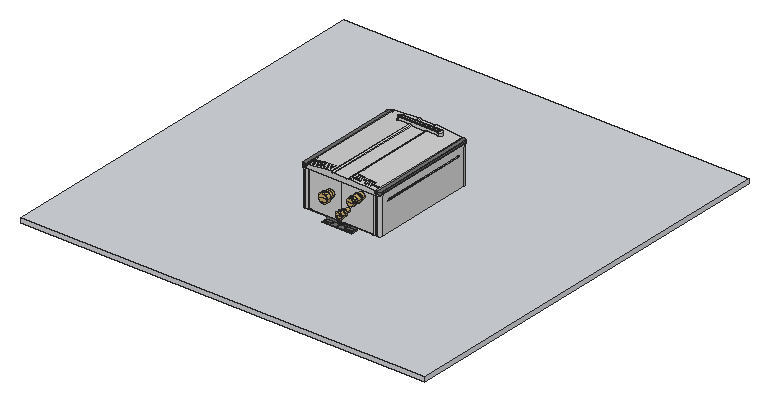
Revit family "Water_Heater-Rinnai-Ultra-Condensing-Tankless-RUR98e", category Mechanical Equipment, host Face, Revit 2012
Parameters (values of type "Standard")
  Width = 18 1/2"  # constant formula
  Wattage = 201 W
  Warranty URL = "https://www.rinnai.us/documentation/downloads/Ultra_Series_with_Pump_Warranty_English.pdf"
  Voltage = 120 V
  Unit = Metal - Rinnai - Aluminum Frame - Brass - Stain
  URL = "https://rinnai.us/"
  Temperature Settings = "98° - 140° F"  # constant formula
  Subcategory = "Tankless Water Heaters"  # constant formula
  Spec Sheet URL = "https://www.rinnai.us/documentation/downloads/RUR98e-SP.pdf"
  Product Page URL = "https://rinnai.us/water-heater/product/rur98e-reu-kbp3237wd-us"
  Natural Gas = yes
  Model = "REU-KBP3237WD-US"  # constant formula
  Max Amperage = 8 A
  Manufacturer Phone - Toll Free = "800-621-9419"  # constant formula
  Manufacturer Phone = "800-621-9419"  # constant formula
  Manufacturer Fax = "678-829-1666"  # constant formula
  Manufacturer Email = "mailto:engineering@rinnai.us"
  Manufacturer Address = "103 International Drive, Peachtree City, GA 30269"  # constant formula
  Manufacturer = "Rinnai America Corporation"  # constant formula
  Liquid Propane = yes
  Interference = Glass - Rinnai - Clear - Amber
  Installation URL = "https://www.rinnai.us/documentation/downloads/100000379.pdf"
  Installation Location = "Outdoor only"  # constant formula
  Ignition System = "Direct electronic ignition"  # constant formula
  Hot Water Connection = "Hot Water Connector"  # constant formula
  Height = 26"  # constant formula
  Panel = Metal - Rinnai - Aluminum Frame - Painted White
  Gas Supply Pressure Min = "4\" (NG); 8\" (Propane)"
  Gas Supply Pressure Max = "10.5\" (NG); 13.5\" (Propane)"
  Gas Manifold Pressure Low Fire = ".42\" (NG); .47\" (Propane)"
  Gas Manifold Pressure High Fire = "3\" (NG); 3.5\" (Propane)"
  Gas Input Rate = 199.0 Btu/h
  Gas Input Range = "15,200 - 199,000 BTU/h"  # constant formula
  Gas Connection = "Gas Connector"  # constant formula
  Frequency = 60 Hz
  Electrical Consumption Range = "Normal: 201 w, Standby: 3 w"  # constant formula
  Dry Weight = 72.80 lbf
  Description = "Tankless Water Heater"  # constant formula
  Depth = 10"  # constant formula
  Default Elevation = 4"
  Combustion Air = "Outdoor"  # constant formula
  Combustibles = yes
  Cold Water Connection = "Cold Water Connector"  # constant formula
  Clearance for Top = 6"  # constant formula
  Clearance for Sides = 2"  # constant formula
  Clearance for Ground or Bottom = 12"  # constant formula
  Clearance for Front = 6"  # constant formula
  Cap = Metal - Rinnai - Aluminum - Polished Sliver
  Assembly Code = ""
  Applicable Altitude Range = "0-10,200ft (0-3,109m)"  # constant formula
  95 CSI = ""
  04 CSI = ""
Reference planes (in)
  plane 1 "Center (Front/Back)": y = 0
  plane 2: z = 0
  plane 3 "Center (Left/Right)": x = 0
  plane 4: y = 13
  plane 5: y = -13
  plane 6: x = -9.25
  plane 7: x = 9.25
  plane 8: z = 10.5501
  plane 9: z = 0.5501
Forms (in)
  Extrusion 1, solid
    sketch origin (0, 0, 0) x (1, 0, 0) y (0, 1, 0)
      loop
        line (-48, 48) -> (-48, -48) -> (48, -48) -> (48, 48) -> (-48, 48)
    from 0 to -1
  Sweep 2, solid, material "Glass - Rinnai - Clear - Amber" <- "Interference", not visible
    path origin (0, 0, 0) x (1, 0, 0) y (0, 1, 0)
      loop
        line (0, 19) -> (0, -25)
    profile origin (0, -3, 0) x (1, 0, 0) y (0, 0, 1)
      loop
        line (11.25, 16.72205) -> (-11.25, 16.72205) -> (-11.25, 0) -> (11.25, 0) -> (11.25, 16.72205)
Dimensions and locks (in)
  equal spacing: plane 6, plane 3 "Center (Left/Right)", plane 7
  "Width": plane 6 to plane 7
  equal spacing: plane 4, plane 1 "Center (Front/Back)", plane 5
  "Height": plane 4 to plane 5
  locked: level to plane 9 at 0.5501
  "Depth": plane 9 to plane 8
  aligned and locked: plane 2 to Extrusion 1
  aligned and locked: level to Extrusion 1
  aligned and locked: Sweep 2 sketch curve to plane 3 "Center (Left/Right)"
  aligned and locked: Sweep 2 sketch curve to Extrusion 1
  aligned and locked: plane 3 "Center (Left/Right)" to nested 2
  aligned and locked: plane 7 to nested 1
  aligned and locked: nested 1 to plane 5
Automatic sketch dimensions
  Extrusion 1 sketch curve to Extrusion 1 sketch curve = 96"  (x2)
  plane 4 to Sweep 2 sketch curve = 6"
  plane 5 to Sweep 2 sketch curve = 12"
  profile plane to Sweep 2 sketch curve = 11 1/4"
  Sweep 2 sketch curve to profile plane = 11 1/4"
  Sweep 2 sketch curve to Sweep 2 sketch curve = 16.72205"
Nested families (in)
  nested 1: "Water Heater" at (0, 0.15, 0), type "RUR98e"
  nested 2: "Pipes" at (0, -14.03858, 0), type "Pipes"
Connectors (in)
  piping at (4.70163, -15.96888, 7.82256), driven by "Gas Connection"
    settings: on nested 2, index 1, connector radius 0.8", flow factor 0, pipe flow 0.00 GPM, pressure drop 0.00 psi, fitting loss kfactor 0, connector angle 0.00°, fixture units 0, engagement length 0", flow configuration 0, flow direction 1, fitting loss method 0, system type 8, joint type 0, gender type 0, connector reference index -1, connector utility 0, adjustable connector no, is connector primary yes, fitting loss table "", connector description "Gas Connector"
  piping at (-2.57004, -14.98448, 5.73209), driven by "Cold Water Connection"
    settings: on nested 2, index 2, connector radius 1", flow factor 0, pipe flow 0.00 GPM, pressure drop 0.00 psi, fitting loss kfactor 0, connector angle 0.00°, fixture units 0, engagement length 0", flow configuration 0, flow direction 2, fitting loss method 0, system type 20, joint type 0, gender type 0, connector reference index -1, connector utility 1, adjustable connector no, is connector primary no, fitting loss table "", connector description "Cold Water Connector"
  piping at (1.64829, -15.5587, 3.75493), driven by "Hot Water Connection"
    settings: on nested 2, index 3, connector radius 0.7", flow factor 0, pipe flow 0.00 GPM, pressure drop 0.00 psi, fitting loss kfactor 0, connector angle 0.00°, fixture units 0, engagement length 0", flow configuration 0, flow direction 2, fitting loss method 0, system type 19, joint type 0, gender type 0, connector reference index -1, connector utility 1, adjustable connector no, is connector primary no, fitting loss table "", connector description "Hot Water Connector"
Definition of nested family "Water Heater"
  Parameters (values of type "RUR98e")
    Unit = Metal - Rinnai - Aluminum Frame - Painted White
    URL = ""
    Panel = Metal - Rinnai - Aluminum Frame - Painted White
    Model = ""
    Manufacturer Email = ""
    Manufacturer = ""
    Interference = Glass - Rinnai - Clear - Amber
    Door = Metal - Rinnai - Aluminum - Polished Sliver
    Description = ""
    Default Elevation = 48"
    Assembly Code = ""
  Reference planes (in)
    plane 1 "Center (Front/Back)": y = 0
    plane 2: z = 0
    plane 3 "Center (Left/Right)": x = 0
    plane 4: y = 12.85
    plane 5: x = -9.25
    plane 6: x = 9.25
    plane 7: y = 14.85
    plane 8: y = -14.85
    plane 9: x = -9.375
    plane 10: x = 9.375
    plane 11: z = 34.72205
    plane 12: z = 10.72205
    plane 13: z = 0.62205
    plane 14: x = 5.09845
    plane 15: z = 7.0748
    plane 16: z = 2.99213
    plane 17: x = 2.10239
    plane 18: z = 5.00787
    plane 19: x = -2.12399
    plane 20: x = 5
    plane 21: z = 7.72205
    plane 22: z = 3.62205
    plane 23: x = 1.60239
    plane 24: z = 5.62205
    plane 25: x = -2.2
    plane 26: z = 2.49055
    plane 27: x = -0.39761
    plane 28: y = -13.15
  Forms (in)
    Extrusion 1, solid
      sketch origin (0, 0, 0) x (1, 0, 0) y (0, 1, 0)
        loop
          line (-48, 48) -> (-48, -48) -> (48, -48) -> (48, 48) -> (-48, 48)
      from 0 to -1
    Sweep 2, solid, material "Glass - Rinnai - Clear - Amber" <- "Interference", not visible
      path origin (0, 0, 0) x (1, 0, 0) y (0, 1, 0)
        loop
          line (0, 14.85) -> (0, -14.85)
      profile origin (0, 0, 0) x (1, 0, 0) y (0, 0, 1)
        loop
          line (9.375, 34.72205) -> (-9.375, 34.72205) -> (-9.375, 0) -> (9.375, 0) -> (9.375, 34.72205)
  Dimensions and locks (in)
    plane 1 "Center (Front/Back)" to plane 4 = 12.85"
    equal spacing: plane 5, plane 3 "Center (Left/Right)", plane 6
    plane 5 to plane 6 = 18 1/2"
    plane 7 to plane 4 = 2"
    plane 9 to plane 5 = 1/8"
    plane 6 to plane 10 = 1/8"
    locked: plane 13 to Extrusion 1 at 0.62205
    plane 12 to plane 13 = 10.1"
    plane 11 to plane 12 = 24"
    plane 4 to plane 28 = 26"
    aligned and locked: plane 2 to Extrusion 1
    aligned and locked: level to Extrusion 1
    aligned and locked: plane 1 "Center (Front/Back)" to nested 1
    aligned and locked: Sweep 2 sketch curve to plane 3 "Center (Left/Right)"
    aligned and locked: plane 7 to Sweep 2 sketch curve
    aligned and locked: plane 8 to Sweep 2 sketch curve
    aligned and locked: plane 10 to Sweep 2 sketch curve
    aligned and locked: Sweep 2 sketch curve to plane 11
    aligned and locked: Sweep 2 sketch curve to plane 9
    aligned and locked: Sweep 2 sketch curve to Extrusion 1
    aligned and locked: plane 1 "Center (Front/Back)" to nested 2
    aligned and locked: plane 3 "Center (Left/Right)" to nested 2
    aligned and locked: plane 3 "Center (Left/Right)" to nested 1
    aligned and locked: Extrusion 1 to nested 2
  Automatic sketch dimensions
    Extrusion 1 sketch curve to Extrusion 1 sketch curve = 96"  (x2)
  Nested families (in)
    nested 1: "RUR98e" at (0, 0, 0.59375), type "RUR98e"
    nested 2: "Masking_Nested" at (0, 0, 0.59055), type "Masking_Nested"
  Definition of nested family "RUR98e"
    Parameters (values of type "RU98e")
      Unit = Metal - Rinnai - Aluminum Frame - Painted White
      G = 3.44"  # constant formula
      F = 1.85"  # constant formula
      E = 2.89"  # constant formula
      Door = Metal - Rinnai - Aluminum - Polished Sliver
      Display = Metal - Rinnai - Aluminum Frame - Painted White
      Default Elevation = 48"
      Clamp = Metal - Rinnai - Aluminum Frame - Painted White
      C = 1.17"  # constant formula
      Width = 18 1/2"  # constant formula
      Height = 25.7"  # constant formula
      Depth = 10.1"  # constant formula
      D = 4.33"  # constant formula
      B = 4.21"  # constant formula
    Reference planes (in)
      plane 1 "Center (Front/Back)": y = 0
      plane 2: z = 0
      plane 3 "Center (Left/Right)": x = 0
      plane 4: y = 12.85
      plane 5: x = -9.25
      plane 6: x = 9.25
      plane 7: z = 10.1
      plane 8: z = 8.75945
      plane 9: z = -0.20842
      plane 10: z = 3.97008
      plane 11: x = 4.33
      plane 12: x = 1.17
      plane 13: z = 1.61008
      plane 14: x = -2.89
      plane 15: z = 3.20008
      plane 16: y = 15.52
      plane 17: z = 19.63941
      plane 18: z = 10.70949
      plane 19: x = 0
      plane 20: y = 9.95477
      plane 21: x = 5.09845
      plane 22: z = 7.0748
      plane 23: z = 2.99213
      plane 24: x = 2.10239
      plane 25: z = 5.00787
      plane 26: x = -2.12399
      plane 27: z = -0.59055
      plane 28: y = -13.15
    Forms (in)
      Extrusion 1, solid, material "Metal - Rinnai - Aluminum Frame - Painted White" <- "Unit", detail levels medium+fine
        sketch origin (0, 0, 0) x (1, 0, 0) y (0, 1, 0)
          loop
            arc (-8.5, 12.72578) -> (-9.03033, 12.50611) -> (-9.25, 11.97578) r 0.75
            line (-9.25, 11.97578) -> (-9.25, -12.07027)
            arc (-9.25, -12.07027) -> (-9.03033, -12.6006) -> (-8.5, -12.82027) r 0.75
            line (-8.5, -12.82027) -> (-7.75409, -12.82027)
            arc (-7.75409, -12.82027) -> (-7.72259, -12.78878) -> (-7.75409, -12.75728) r 0.0315
            line (-7.75409, -12.75728) -> (-8.33874, -12.75728)
            arc (-8.33874, -12.75728) -> (-8.86907, -12.53761) -> (-9.08874, -12.00728) r 0.75
            line (-9.08874, -12.00728) -> (-9.08874, 11.87342)
            arc (-9.08874, 11.87342) -> (-8.86907, 12.40375) -> (-8.33874, 12.62342) r 0.75
            line (-8.33874, 12.62342) -> (8.33874, 12.62342)
            arc (8.33874, 12.62342) -> (8.86907, 12.40375) -> (9.08874, 11.87342) r 0.75
            line (9.08874, 11.87342) -> (9.08874, -12.00728)
            arc (9.08874, -12.00728) -> (8.86907, -12.53761) -> (8.33874, -12.75728) r 0.75
            line (8.33874, -12.75728) -> (7.75409, -12.75728)
            arc (7.75409, -12.75728) -> (7.72259, -12.78878) -> (7.75409, -12.82027) r 0.0315
            line (7.75409, -12.82027) -> (8.5, -12.82027)
            arc (8.5, -12.82027) -> (9.03033, -12.6006) -> (9.25, -12.07027) r 0.75
            line (9.25, -12.07027) -> (9.25, 11.97578)
            arc (9.25, 11.97578) -> (9.03033, 12.50611) -> (8.5, 12.72578) r 0.75
            line (8.5, 12.72578) -> (-8.5, 12.72578)
        from -0.04045 to 8.75945
      Extrusion 2, solid, material "Metal - Rinnai - Aluminum Frame - Painted White" <- "Unit", detail levels fine
        sketch origin (0, 0, 0) x (1, 0, 0) y (0, 1, 0)
          loop
            arc (-7.94561, -12.71791) -> (-7.96958, -12.73044) -> (-7.97296, -12.75728) r 0.02918
            line (-7.97296, -12.75728) -> (0.00974, -12.75728) -> (7.97296, -12.75728)
            arc (7.97296, -12.75728) -> (7.96958, -12.73044) -> (7.94561, -12.71791) r 0.02918
            line (7.94561, -12.71791) -> (-0.00497, -12.71791) -> (-7.94561, -12.71791)
        from 0 to 8.75945
      Sweep 3, solid, material "Metal - Rinnai - Aluminum Frame - Painted White" <- "Unit", detail levels medium+fine
        path origin (-19.30772, -180, -0.04045) x (-1, 0, 0) y (0, -1, 0)
          loop
            line (-27.06181, -167.17973) -> (-27.80772, -167.17973)
            arc (-27.80772, -167.17973) -> (-28.33805, -167.3994) -> (-28.55772, -167.92973) r 0.75
            line (-28.55772, -167.92973) -> (-28.55772, -191.97578)
            arc (-28.55772, -191.97578) -> (-28.33805, -192.50611) -> (-27.80772, -192.72578) r 0.75
            line (-27.80772, -192.72578) -> (-10.80772, -192.72578)
            arc (-10.80772, -192.72578) -> (-10.27739, -192.50611) -> (-10.05772, -191.97578) r 0.75
            line (-10.05772, -191.97578) -> (-10.05772, -167.92973)
            arc (-10.05772, -167.92973) -> (-10.27739, -167.3994) -> (-10.80772, -167.17973) r 0.75
            line (-10.80772, -167.17973) -> (-11.55363, -167.17973)
        profile origin (8.12705, -12.82027, -0.04045) x (0, 1, 0) y (0, 0, 1)
          loop
            arc (0, 0.0315) -> (0.00922, 0.00922) -> (0.0315, 0) r 0.0315
            line (0.0315, 0) -> (0.0315, 0.0315) -> (0, 0.0315)
      Extrusion 4, solid, material "Metal - Rinnai - Aluminum Frame - Painted White" <- "Clamp", detail levels medium+fine
        sketch origin (0, 0, 0) x (0, 1, 0) y (0, 0, 1)
          loop
            arc (-14.30637, -0.52756) -> (-14.33787, -0.55906) -> (-14.30637, -0.59055) r 0.0315
            line (-14.30637, -0.59055) -> (-12.85049, -0.59055)
            arc (-12.85049, -0.59055) -> (-12.82912, -0.5817) -> (-12.82027, -0.56033) r 0.03022
            line (-12.82027, -0.56033) -> (-12.82027, -0.11024) -> (-12.52618, -0.11024)
            arc (-12.52618, -0.11024) -> (-12.47377, -0.09026) -> (-12.44796, -0.04045) r 0.07874
            line (-12.44796, -0.04045) -> (-12.88326, -0.04045) -> (-12.88326, -0.52756) -> (-14.30637, -0.52756)
          loop
            line (14.30637, -0.52756) -> (12.88326, -0.52756) -> (12.88326, -0.04045) -> (12.44796, -0.04045)
            arc (12.44796, -0.04045) -> (12.47377, -0.09026) -> (12.52618, -0.11024) r 0.07874
            line (12.52618, -0.11024) -> (12.82027, -0.11024) -> (12.82027, -0.56033)
            arc (12.82027, -0.56033) -> (12.82912, -0.5817) -> (12.85049, -0.59055) r 0.03022
            line (12.85049, -0.59055) -> (14.30637, -0.59055)
            arc (14.30637, -0.59055) -> (14.33787, -0.55906) -> (14.30637, -0.52756) r 0.0315
        from -3.54331 to 3.54331
      Extrusion 5, void
        sketch origin (0, 0, 0) x (0, 1, 0) y (1, 0, 0)
          loop
            line (13.67854, 0.11811) -> (13.48655, 0.11811)
            arc (13.48655, 0.11811) -> (13.39706, 0.19062) -> (13.28484, 0.21654) r 0.25591
            line (13.28484, 0.21654) -> (13.00925, 0.21654)
            arc (13.00925, 0.21654) -> (12.79271, 0) -> (13.00925, -0.21654) r 0.21654
            line (13.00925, -0.21654) -> (13.28484, -0.21654)
            arc (13.28484, -0.21654) -> (13.39706, -0.19062) -> (13.48655, -0.11811) r 0.25591
            line (13.48655, -0.11811) -> (13.67854, -0.11811)
            arc (13.67854, -0.11811) -> (13.79665, 0) -> (13.67854, 0.11811) r 0.11811
          loop
            circle (13.48163, 1.57456) r 0.25559
          loop
            line (13.90492, 2.35236) -> (13.90492, 2.76575)
            arc (13.90492, 2.76575) -> (13.79665, 2.87402) -> (13.68838, 2.76575) r 0.10827
            line (13.68838, 2.76575) -> (13.68838, 2.35236)
            arc (13.68838, 2.35236) -> (13.79665, 2.24409) -> (13.90492, 2.35236) r 0.10827
          loop
            line (13.69823, 3.26772) -> (13.61949, 3.26772)
            arc (13.61949, 3.26772) -> (13.50137, 3.14961) -> (13.61949, 3.0315) r 0.11811
            line (13.61949, 3.0315) -> (13.69823, 3.0315)
            arc (13.69823, 3.0315) -> (13.81634, 3.14961) -> (13.69823, 3.26772) r 0.11811
          loop
            circle (13.48163, -1.57456) r 0.25559
          loop
            arc (13.90492, -2.0374) -> (13.79665, -1.92913) -> (13.68838, -2.0374) r 0.10827
            line (13.68838, -2.0374) -> (13.68838, -2.76575)
            arc (13.68838, -2.76575) -> (13.79665, -2.87402) -> (13.90492, -2.76575) r 0.10827
            line (13.90492, -2.76575) -> (13.90492, -2.0374)
          loop
            arc (13.69823, -3.26772) -> (13.81634, -3.14961) -> (13.69823, -3.0315) r 0.11811
            line (13.69823, -3.0315) -> (13.61949, -3.0315)
            arc (13.61949, -3.0315) -> (13.50137, -3.14961) -> (13.61949, -3.26772) r 0.11811
            line (13.61949, -3.26772) -> (13.69823, -3.26772)
          loop
            line (-13.73366, -0.11811) -> (-13.54167, -0.11811)
            arc (-13.54167, -0.11811) -> (-13.45218, -0.19062) -> (-13.33996, -0.21654) r 0.25591
            line (-13.33996, -0.21654) -> (-13.06437, -0.21654)
            arc (-13.06437, -0.21654) -> (-12.84783, 0) -> (-13.06437, 0.21654) r 0.21654
            line (-13.06437, 0.21654) -> (-13.33996, 0.21654)
            arc (-13.33996, 0.21654) -> (-13.45218, 0.19062) -> (-13.54167, 0.11811) r 0.25591
            line (-13.54167, 0.11811) -> (-13.73366, 0.11811)
            arc (-13.73366, 0.11811) -> (-13.85177, 0) -> (-13.73366, -0.11811) r 0.11811
          loop
            circle (-13.53674, -1.57456) r 0.25559
          loop
            line (-13.96004, -2.35236) -> (-13.96004, -2.76575)
            arc (-13.96004, -2.76575) -> (-13.85177, -2.87402) -> (-13.7435, -2.76575) r 0.10827
            line (-13.7435, -2.76575) -> (-13.7435, -2.35236)
            arc (-13.7435, -2.35236) -> (-13.85177, -2.24409) -> (-13.96004, -2.35236) r 0.10827
          loop
            line (-13.75334, -3.26772) -> (-13.6746, -3.26772)
            arc (-13.6746, -3.26772) -> (-13.55649, -3.14961) -> (-13.6746, -3.0315) r 0.11811
            line (-13.6746, -3.0315) -> (-13.75334, -3.0315)
            arc (-13.75334, -3.0315) -> (-13.87145, -3.14961) -> (-13.75334, -3.26772) r 0.11811
          loop
            circle (-13.53674, 1.57456) r 0.25559
          loop
            arc (-13.96004, 2.0374) -> (-13.85177, 1.92913) -> (-13.7435, 2.0374) r 0.10827
            line (-13.7435, 2.0374) -> (-13.7435, 2.76575)
            arc (-13.7435, 2.76575) -> (-13.85177, 2.87402) -> (-13.96004, 2.76575) r 0.10827
            line (-13.96004, 2.76575) -> (-13.96004, 2.0374)
          loop
            arc (-13.75334, 3.26772) -> (-13.87145, 3.14961) -> (-13.75334, 3.0315) r 0.11811
            line (-13.75334, 3.0315) -> (-13.6746, 3.0315)
            arc (-13.6746, 3.0315) -> (-13.55649, 3.14961) -> (-13.6746, 3.26772) r 0.11811
            line (-13.6746, 3.26772) -> (-13.75334, 3.26772)
        from 0.52756 to 0.59055
      Extrusion 6, void
        sketch origin (0, 0, 0.23337) x (1, 0, 0) y (0, 0, 1)
          loop
            line (9.53125, 10.1184) -> (-9.53125, 10.1184) -> (-9.53125, 8.75147) -> (-8.45921, 8.75147) -> (-8.09256, 8.96315) -> (-8.09256, 9.11474)
            arc (-8.09256, 9.11474) -> (-8.15825, 9.1617) -> (-8.22104, 9.21246) r 1.36561
            arc (-8.22104, 9.21246) -> (-8.24458, 9.29284) -> (-8.18067, 9.34696) r 0.07682
            arc (-8.18067, 9.34696) -> (-4.09779, 9.77258) -> (0, 10.0158) r 92.07872
            arc (0, 10.0158) -> (4.12628, 9.77025) -> (8.23738, 9.33975) r 92.07872
            arc (8.23738, 9.33975) -> (8.279, 9.30476) -> (8.26549, 9.25234) r 0.05052
            arc (8.26549, 9.25234) -> (8.18181, 9.18004) -> (8.09256, 9.11474) r 1.36561
            line (8.09256, 9.11474) -> (8.09256, 8.96315) -> (8.45921, 8.75147) -> (9.53125, 8.75147) -> (9.53125, 10.1184)
        from -15.04938 to 15.10382
      Extrusion 7, solid, material "Metal - Rinnai - Aluminum Frame - Painted White" <- "Display", detail levels medium+fine
        sketch origin (0, 0, 0) x (1, 0, 0) y (0, 1, 0)
          loop
            line (8.58208, 12.85) -> (-8.63521, 12.85)
            arc (-8.63521, 12.85) -> (-9.06993, 12.66993) -> (-9.25, 12.23521) r 0.61479
            line (-9.25, 12.23521) -> (-9.25, -12.55655)
            arc (-9.25, -12.55655) -> (-9.07618, -12.97618) -> (-8.65655, -13.15) r 0.59345
            line (-8.65655, -13.15) -> (8.56688, -13.15)
            arc (8.56688, -13.15) -> (9.04992, -12.94992) -> (9.25, -12.46688) r 0.68312
            line (9.25, -12.46688) -> (9.25, 12.18208)
            arc (9.25, 12.18208) -> (9.05437, 12.65437) -> (8.58208, 12.85) r 0.66792
        from 8.75945 to 10.35178
      Extrusion 8, solid, material "Metal - Rinnai - Aluminum - Polished Sliver" <- "Door", detail levels medium+fine
        sketch origin (0, 0, 0) x (1, 0, 0) y (0, 1, 0)
          loop
            arc (-8.52756, 12.84217) -> (-9.05789, 12.6225) -> (-9.27756, 12.09217) r 0.75
            line (-9.27756, 12.09217) -> (-9.27756, -12.4)
            arc (-9.27756, -12.4) -> (-9.05789, -12.93033) -> (-8.52756, -13.15) r 0.75
            line (-8.52756, -13.15) -> (-8.09256, -13.15) -> (-8.09256, 12.84217) -> (-8.52756, 12.84217)
          loop
            line (8.52756, 12.84217) -> (8.09256, 12.84217) -> (8.09256, -13.15) -> (8.52756, -13.15)
            arc (8.52756, -13.15) -> (9.05789, -12.93033) -> (9.27756, -12.4) r 0.75
            line (9.27756, -12.4) -> (9.27756, 12.09217)
            arc (9.27756, 12.09217) -> (9.05789, 12.6225) -> (8.52756, 12.84217) r 0.75
        from 8.98484 to 9.68676
      Extrusion 9, solid, material "Metal - Rinnai - Aluminum Frame - Painted White" <- "Unit", detail levels coarse
        sketch origin (0, 0, 0) x (1, 0, 0) y (0, 1, 0)
          loop
            line (9.25, -13.15) -> (9.25, 12.85) -> (-9.27756, 12.85) -> (-9.27756, -13.15) -> (9.25, -13.15)
        from -0.59055 to 10.1
      Extrusion 10, solid, material "Metal - Rinnai - Aluminum Frame - Painted White" <- "Unit", detail levels medium
        sketch origin (0, 0, 0) x (1, 0, 0) y (0, 1, 0)
          loop
            arc (-7.94561, -12.71791) -> (-7.96958, -12.73044) -> (-7.97296, -12.75728) r 0.02918
            line (-7.97296, -12.75728) -> (0.00974, -12.75728) -> (7.97296, -12.75728)
            arc (7.97296, -12.75728) -> (7.96958, -12.73044) -> (7.94561, -12.71791) r 0.02918
            line (7.94561, -12.71791) -> (-0.00497, -12.71791) -> (-7.94561, -12.71791)
        from 0 to 8.75945
      Extrusion 11, void
        sketch origin (0, 0, -0.5) x (1, 0, 0) y (0, 0, 1)
          loop
            arc (-2.72285, 8.66093) -> (-2.65853, 7.48173) -> (-2.60646, 6.30193) r 113.80035
            arc (-2.60646, 6.30193) -> (-2.30126, 4.88899) -> (-3.007, 3.62747) r 2.04411
            arc (-3.007, 3.62747) -> (-0.09766, 0.15621) -> (3.02871, 3.43337) r 3.03824
            arc (3.02871, 3.43337) -> (2.73456, 3.91825) -> (2.60646, 4.47073) r 1.79421
            arc (2.60646, 4.47073) -> (2.64496, 6.56638) -> (2.72285, 8.66093) r 111.52327
            line (2.72285, 8.66093) -> (-2.72285, 8.66093)
        from -13.68838 to 13.39188
      Extrusion 12, void
        sketch origin (0, 0, 0.15514) x (1, 0, 0) y (0, 0, 1)
          loop
            arc (1.60849, 9.74656) -> (1.69001, 9.75729) -> (1.76597, 9.78875) r 0.31496
            line (1.76597, 9.78875) -> (2.03915, 9.94647)
            arc (2.03915, 9.94647) -> (2.1341, 9.9858) -> (2.236, 9.99922) r 0.3937
            line (2.236, 9.99922) -> (2.236, 10.20703) -> (-2.23606, 10.20703) -> (-2.23606, 9.99922)
            arc (-2.23606, 9.99922) -> (-2.13416, 9.9858) -> (-2.0392, 9.94647) r 0.3937
            line (-2.0392, 9.94647) -> (-1.76603, 9.78875)
            arc (-1.76603, 9.78875) -> (-1.69007, 9.75729) -> (-1.60855, 9.74656) r 0.31496
            line (-1.60855, 9.74656) -> (1.60849, 9.74656)
        from -14.53617 to 14.5778
      Sweep 13, solid, material "Metal - Rinnai - Aluminum Frame - Painted White" <- "Display", detail levels medium+fine
        path origin (0, -0.07031, 0) x (1, 0, 0) y (0, 1, 0)
          loop
            line (4.74071, 11.10265) -> (-4.74071, 11.10265)
            arc (-4.74071, 11.10265) -> (-5.28643, 10.55692) -> (-4.74071, 10.0112) r 0.54572
            line (-4.74071, 10.0112) -> (4.74071, 10.0112)
            arc (4.74071, 10.0112) -> (5.28643, 10.55692) -> (4.74071, 11.10265) r 0.54572
        profile origin (0, 11.03233, 0) x (0, -1, 0) y (0, 0, 1)
          loop
            line (0.03559, 10.62469) -> (0.0007, 9.62547) -> (0.13078, 9.62547) -> (0.16863, 10.70949) -> (0.12341, 10.70949)
            arc (0.12341, 10.70949) -> (0.06237, 10.68483) -> (0.03559, 10.62469) r 0.08787
      Extrusion 14, solid, material "Metal - Rinnai - Aluminum Frame - Painted White" <- "Unit", detail levels medium+fine
        sketch origin (0, 0, 0) x (1, 0, 0) y (0, 1, 0)
          loop
            arc (-9.08874, -12.00728) -> (-8.86907, -12.53761) -> (-8.33874, -12.75728) r 0.75
            line (-8.33874, -12.75728) -> (-7.75409, -12.75728) -> (8.33874, -12.75728)
            arc (8.33874, -12.75728) -> (8.86907, -12.53761) -> (9.08874, -12.00728) r 0.75
            line (9.08874, -12.00728) -> (9.08874, 11.87342)
            arc (9.08874, 11.87342) -> (8.86907, 12.40375) -> (8.33874, 12.62342) r 0.75
            line (8.33874, 12.62342) -> (-8.33874, 12.62342)
            arc (-8.33874, 12.62342) -> (-8.86907, 12.40375) -> (-9.08874, 11.87342) r 0.75
            line (-9.08874, 11.87342) -> (-9.08874, -12.00728)
        from -0.01923 to 0
      Revolve 15, void
        sketch origin (9.3125, 0, 0) x (0, 1, 0) y (0, 0, 1)
          loop
            arc (10.67775, 6.82414) -> (10.62581, 6.97256) -> (10.48169, 7.03543) r 0.19661
            line (10.48169, 7.03543) -> (-10.77815, 7.03543)
            arc (-10.77815, 7.03543) -> (-10.92236, 6.97257) -> (-10.97447, 6.82414) r 0.19685
            line (-10.97447, 6.82414) -> (10.67775, 6.82414)
          axis (-10.97447, 6.82414) -> (10.67775, 6.82414)
        angle from 180 to -180
      Revolve 16, void
        sketch origin (-9.3125, 0, 0) x (0, 1, 0) y (0, 0, -1)
          loop
            line (10.67775, -6.82414) -> (-10.97447, -6.82414)
            arc (-10.97447, -6.82414) -> (-10.92236, -6.97257) -> (-10.77815, -7.03543) r 0.19685
            line (-10.77815, -7.03543) -> (10.48169, -7.03543)
            arc (10.48169, -7.03543) -> (10.62581, -6.97256) -> (10.67775, -6.82414) r 0.19661
          axis (-10.97447, -6.82414) -> (10.67775, -6.82414)
        angle from 180 to -180
      Extrusion 17, void
        sketch origin (0, 0, 0) x (1, 0, 0) y (0, 0, 1)
          loop
            arc (-8.09256, 9.34812) -> (-8.22033, 9.44523) -> (-8.33583, 9.55665) r 1.36561
            arc (-8.33583, 9.55665) -> (-8.76634, 9.49374) -> (-9.19638, 9.42766) r 59.05511
            arc (-9.19638, 9.42766) -> (-9.24465, 9.40066) -> (-9.26381, 9.34878) r 0.07985
            line (-9.26381, 9.34878) -> (-9.26381, 8.98484) -> (-8.45921, 8.98484) -> (-8.09256, 9.19653) -> (-8.09256, 9.34812)
          loop
            line (-7.89256, 10.28429) -> (-9.46381, 10.28429) -> (-9.46381, 8.78484) -> (-7.89256, 8.78484) -> (-7.89256, 10.28429)
          loop
            line (8.09256, 9.34812) -> (8.09256, 9.19653) -> (8.45921, 8.98484) -> (9.26381, 8.98484) -> (9.26381, 9.34878)
            arc (9.26381, 9.34878) -> (9.24465, 9.40066) -> (9.19638, 9.42766) r 0.07985
            arc (9.19638, 9.42766) -> (8.76634, 9.49374) -> (8.33583, 9.55665) r 59.05511
            arc (8.33583, 9.55665) -> (8.22033, 9.44523) -> (8.09256, 9.34812) r 1.36561
          loop
            line (7.89256, 10.28429) -> (7.89256, 8.78484) -> (9.46381, 8.78484) -> (9.46381, 10.28429) -> (7.89256, 10.28429)
        from -13.68838 to 17.90298
      Extrusion 18, void
        sketch origin (0, 0, 0) x (1, 0, 0) y (0, 1, 0)
          loop
            line (-7.7581, -11.22239) -> (-5.65431, -11.22239)
            arc (-5.65431, -11.22239) -> (-5.50316, -11.07125) -> (-5.65431, -10.9201) r 0.15114
            line (-5.65431, -10.9201) -> (-7.7581, -10.9201)
            arc (-7.7581, -10.9201) -> (-7.90925, -11.07125) -> (-7.7581, -11.22239) r 0.15114
          loop
            line (-7.7581, -11.93333) -> (-5.65431, -11.93333)
            arc (-5.65431, -11.93333) -> (-5.50316, -11.78218) -> (-5.65431, -11.63104) r 0.15114
            line (-5.65431, -11.63104) -> (-7.7581, -11.63104)
            arc (-7.7581, -11.63104) -> (-7.90925, -11.78218) -> (-7.7581, -11.93333) r 0.15114
          loop
            line (-7.7581, -12.64427) -> (-5.65431, -12.64427)
            arc (-5.65431, -12.64427) -> (-5.50316, -12.49312) -> (-5.65431, -12.34198) r 0.15114
            line (-5.65431, -12.34198) -> (-7.7581, -12.34198)
            arc (-7.7581, -12.34198) -> (-7.90925, -12.49312) -> (-7.7581, -12.64427) r 0.15114
          loop
            line (-5.00419, -11.22239) -> (-2.9004, -11.22239)
            arc (-2.9004, -11.22239) -> (-2.74926, -11.07125) -> (-2.9004, -10.9201) r 0.15114
            line (-2.9004, -10.9201) -> (-5.00419, -10.9201)
            arc (-5.00419, -10.9201) -> (-5.15534, -11.07125) -> (-5.00419, -11.22239) r 0.15114
          loop
            line (-5.00419, -11.93333) -> (-2.9004, -11.93333)
            arc (-2.9004, -11.93333) -> (-2.74926, -11.78218) -> (-2.9004, -11.63104) r 0.15114
            line (-2.9004, -11.63104) -> (-5.00419, -11.63104)
            arc (-5.00419, -11.63104) -> (-5.15534, -11.78218) -> (-5.00419, -11.93333) r 0.15114
          loop
            line (-5.00419, -12.64427) -> (-2.9004, -12.64427)
            arc (-2.9004, -12.64427) -> (-2.74926, -12.49312) -> (-2.9004, -12.34198) r 0.15114
            line (-2.9004, -12.34198) -> (-5.00419, -12.34198)
            arc (-5.00419, -12.34198) -> (-5.15534, -12.49312) -> (-5.00419, -12.64427) r 0.15114
          loop
            arc (7.7581, -11.22239) -> (7.90925, -11.07125) -> (7.7581, -10.9201) r 0.15114
            line (7.7581, -10.9201) -> (5.65431, -10.9201)
            arc (5.65431, -10.9201) -> (5.50316, -11.07125) -> (5.65431, -11.22239) r 0.15114
            line (5.65431, -11.22239) -> (7.7581, -11.22239)
          loop
            arc (7.7581, -11.93333) -> (7.90925, -11.78218) -> (7.7581, -11.63104) r 0.15114
            line (7.7581, -11.63104) -> (5.65431, -11.63104)
            arc (5.65431, -11.63104) -> (5.50316, -11.78218) -> (5.65431, -11.93333) r 0.15114
            line (5.65431, -11.93333) -> (7.7581, -11.93333)
          loop
            arc (7.7581, -12.64427) -> (7.90925, -12.49312) -> (7.7581, -12.34198) r 0.15114
            line (7.7581, -12.34198) -> (5.65431, -12.34198)
            arc (5.65431, -12.34198) -> (5.50316, -12.49312) -> (5.65431, -12.64427) r 0.15114
            line (5.65431, -12.64427) -> (7.7581, -12.64427)
          loop
            arc (5.00419, -11.22239) -> (5.15534, -11.07125) -> (5.00419, -10.9201) r 0.15114
            line (5.00419, -10.9201) -> (2.9004, -10.9201)
            arc (2.9004, -10.9201) -> (2.74926, -11.07125) -> (2.9004, -11.22239) r 0.15114
            line (2.9004, -11.22239) -> (5.00419, -11.22239)
          loop
            arc (5.00419, -11.93333) -> (5.15534, -11.78218) -> (5.00419, -11.63104) r 0.15114
            line (5.00419, -11.63104) -> (2.9004, -11.63104)
            arc (2.9004, -11.63104) -> (2.74926, -11.78218) -> (2.9004, -11.93333) r 0.15114
            line (2.9004, -11.93333) -> (5.00419, -11.93333)
          loop
            arc (5.00419, -12.64427) -> (5.15534, -12.49312) -> (5.00419, -12.34198) r 0.15114
            line (5.00419, -12.34198) -> (2.9004, -12.34198)
            arc (2.9004, -12.34198) -> (2.74926, -12.49312) -> (2.9004, -12.64427) r 0.15114
            line (2.9004, -12.64427) -> (5.00419, -12.64427)
          loop
            arc (-4.74071, 10.8637) -> (-5.1178, 10.48661) -> (-4.74071, 10.10952) r 0.37709
            line (-4.74071, 10.10952) -> (4.74071, 10.10952)
            arc (4.74071, 10.10952) -> (5.1178, 10.48661) -> (4.74071, 10.8637) r 0.37709
            line (4.74071, 10.8637) -> (-4.74071, 10.8637)
        from 8.75945 to 10.3296
    Cuts and joins
      Extrusion 5, Extrusion 11 cuts Extrusion 4
      Extrusion 6, Extrusion 12, Extrusion 18 cuts Extrusion 7
      Extrusion 17, Extrusion 18 cuts Sweep 13
      joined: Extrusion 7, Sweep 13
      Extrusion 17 cuts Extrusion 8
      Revolve 15, Revolve 16, Extrusion 18 cuts Extrusion 1
      Revolve 15, Revolve 16, Extrusion 18 cuts Sweep 3
      Revolve 15, Revolve 16, Extrusion 18 cuts Extrusion 14
      joined: Extrusion 1, Sweep 3, Extrusion 14
    Lines and regions (in)
      model lines, style "Water Heater", detail levels fine
        curve 1: line (-1.46319, -11.08719, 9.90169) -> (1.43194, -11.08719, 9.90169)
        curve 2: line (-1.54319, -12.86249, 9.90169) -> (-1.54319, -11.16719, 9.90169)
        curve 3: line (1.43194, -12.94249, 9.90169) -> (-1.46319, -12.94249, 9.90169)
        curve 4: line (1.51194, -11.16719, 9.90169) -> (1.51194, -12.86249, 9.90169)
        curve 5: arc (-1.54319, -11.16719, 9.90169) -> (-1.51976, -11.11062, 9.90169) -> (-1.46319, -11.08719, 9.90169) r 0.08
        curve 6: arc (1.43194, -11.08719, 9.90169) -> (1.48851, -11.11062, 9.90169) -> (1.51194, -11.16719, 9.90169) r 0.08
        curve 7: arc (1.43194, -12.94249, 9.90169) -> (1.48851, -12.91906, 9.90169) -> (1.51194, -12.86249, 9.90169) r 0.08
        curve 8: arc (-1.46319, -12.94249, 9.90169) -> (-1.51976, -12.91906, 9.90169) -> (-1.54319, -12.86249, 9.90169) r 0.08
    Dimensions and locks (in)
      plane 1 "Center (Front/Back)" to plane 4 = 12.85"
      equal spacing: plane 5, plane 3 "Center (Left/Right)", plane 6
      "Width": plane 5 to plane 6
      locked: plane 7 to plane 8 at 1.34055
      "D": plane 11 to plane 3 "Center (Left/Right)"
      "C": plane 3 "Center (Left/Right)" to plane 12
      "E": plane 3 "Center (Left/Right)" to plane 14
      locked: plane 16 to plane 4 at 2.67
      Extrusion 6 sketch curve to plane 7 = 0.25178"
      equal spacing: Extrusion 6 sketch curve, plane 7, Extrusion 6 sketch curve
      plane 5 to Extrusion 7 sketch curve = 0"
      Extrusion 7 sketch curve to plane 6 = 0"
      "Depth": plane 7 to plane 2
      plane 4 to plane 28 = 26"
      aligned and locked: plane 2 to level
      aligned and locked: plane 4 to Extrusion 9 sketch curve
      aligned and locked: Extrusion 9 sketch curve to plane 6
      aligned and locked: Extrusion 9 to plane 7
    Automatic sketch dimensions
      Extrusion 1 sketch curve to plane 5 = 0"
      Extrusion 1 sketch curve to plane 6 = 0"
      plane 5 to Extrusion 1 sketch curve = 0.16126"
      plane 5 to Extrusion 1 sketch curve = 3/4"  (x2)
      Extrusion 1 sketch curve to plane 4 = 0.12422"
      Extrusion 1 sketch curve to Extrusion 1 sketch curve = 0.16126"  (x4)
      Extrusion 1 sketch curve to Extrusion 1 sketch curve = 0.58465"  (x2)
      plane 6 to Extrusion 1 sketch curve = 1.49591"
      Extrusion 1 sketch curve to plane 4 = 29/128"
      plane 6 to Extrusion 1 sketch curve = 0.91126"
      plane 6 to Extrusion 1 sketch curve = 0.16126"
      plane 5 to Extrusion 2 sketch curve = 1.27704"
      Extrusion 2 sketch curve to Extrusion 2 sketch curve = 7/256"  (x2)
      Extrusion 2 sketch curve to plane 3 "Center (Left/Right)" = 0.00497"
      plane 3 "Center (Left/Right)" to Extrusion 2 sketch curve = 0.00974"
      plane 6 to Extrusion 2 sketch curve = 1.30439"
      Sweep 3 sketch curve to plane 6 = 0"
      Sweep 3 sketch curve to plane 5 = 0"
      Sweep 3 sketch curve to plane 4 = 0.12422"
      plane 6 to Sweep 3 sketch curve = 3/4"  (x2)
      Sweep 3 sketch curve to Sweep 3 sketch curve = 0.74591"  (x2)
      plane 5 to Sweep 3 sketch curve = 1.49591"
      plane 5 to Sweep 3 sketch curve = 3/4"
      Sweep 3 sketch curve to profile plane = 0"  (x2)
      Sweep 3 sketch curve to Sweep 3 sketch curve = 0.0315"
      Extrusion 5 sketch curve to plane 3 "Center (Left/Right)" = 0"  (x4)
      Extrusion 5 sketch curve to Extrusion 5 sketch curve = 0.10827"  (x4)
      Extrusion 5 sketch curve to Extrusion 5 sketch curve = 0.00984"  (x2)
      Extrusion 5 sketch curve to plane 3 "Center (Left/Right)" = 0.11811"  (x2)
      Extrusion 5 sketch curve to Extrusion 5 sketch curve = 0.07874"  (x4)
      Extrusion 5 sketch curve to Extrusion 5 sketch curve = 0.19199"  (x3)
      Extrusion 5 sketch curve to Extrusion 5 sketch curve = 0.20676"  (x2)
      Extrusion 5 sketch curve to Extrusion 5 sketch curve = 0.20171"  (x3)
      Extrusion 5 sketch curve to Extrusion 5 sketch curve = 0"  (x2)
      plane 4 to Extrusion 5 sketch curve = 0.15925"
      Extrusion 5 sketch curve to Extrusion 5 sketch curve = 0.27559"  (x2)
      plane 4 to Extrusion 5 sketch curve = 0.63163"  (x2)
      plane 14 to Extrusion 5 sketch curve = 0.25961"
      plane 4 to Extrusion 5 sketch curve = 0.76949"  (x2)
      Extrusion 5 sketch curve to Extrusion 5 sketch curve = 0.0689"
      plane 3 "Center (Left/Right)" to Extrusion 5 sketch curve = 0.21654"  (x2)
      Extrusion 5 sketch curve to plane 12 = 0.40456"  (x2)
      Extrusion 5 sketch curve to Extrusion 5 sketch curve = 0.46285"  (x2)
      Extrusion 5 sketch curve to Extrusion 5 sketch curve = 0.77781"
      Extrusion 5 sketch curve to Extrusion 5 sketch curve = 0.41339"
      Extrusion 5 sketch curve to Extrusion 5 sketch curve = 0.72835"
      Extrusion 5 sketch curve to Extrusion 5 sketch curve = 0.26575"  (x2)
      Extrusion 5 sketch curve to Extrusion 5 sketch curve = 0.11811"  (x4)
      Extrusion 5 sketch curve to plane 14 = 1.31544"  (x2)
      Extrusion 5 sketch curve to plane 14 = 0.53764"
      Extrusion 5 sketch curve to plane 14 = 0.12425"  (x2)
      plane 14 to Extrusion 5 sketch curve = 0.1415"
      plane 5 to Extrusion 10 sketch curve = 1.27704"
      Extrusion 10 sketch curve to Extrusion 10 sketch curve = 7/256"  (x2)
      Extrusion 10 sketch curve to plane 3 "Center (Left/Right)" = 0.00497"
      plane 3 "Center (Left/Right)" to Extrusion 10 sketch curve = 0.00974"
      plane 6 to Extrusion 10 sketch curve = 1.30439"
      Extrusion 11 sketch curve to plane 3 "Center (Left/Right)" = 0"
      Extrusion 11 sketch curve to plane 14 = 0.28354"
      Extrusion 11 sketch curve to plane 14 = 0.16715"
      Extrusion 11 sketch curve to plane 15 = 0.07261"
      plane 14 to Extrusion 11 sketch curve = 0.117"
      plane 10 to Extrusion 11 sketch curve = 0.72167"
      plane 14 to Extrusion 11 sketch curve = 1.43282"
      Extrusion 11 sketch curve to plane 13 = 0.23659"
      Extrusion 11 sketch curve to plane 5 = 107.07061"
      plane 10 to Extrusion 11 sketch curve = 0.00064"
      plane 3 "Center (Left/Right)" to Extrusion 11 sketch curve = 2.60646"
      plane 3 "Center (Left/Right)" to Extrusion 11 sketch curve = 2.72285"
      Extrusion 11 sketch curve to plane 15 = 0.26672"
      Extrusion 11 sketch curve to Extrusion 11 sketch curve = 0.42225"
      Extrusion 11 sketch curve to plane 11 = 0.06637"
      Extrusion 11 sketch curve to plane 15 = 0.23043"
      plane 20 to Sweep 13 sketch curve = 1.07756"
      plane 14 to Sweep 13 sketch curve = 1.85071"
      Sweep 13 sketch curve to plane 11 = 0.41071"
      plane 20 to Sweep 13 sketch curve = 0.53184"
      plane 5 to Extrusion 14 sketch curve = 0.16126"
      Extrusion 14 sketch curve to Extrusion 14 sketch curve = 3/4"  (x2)
      Extrusion 14 sketch curve to Extrusion 14 sketch curve = 0.58465"
      plane 6 to Extrusion 14 sketch curve = 0.91126"  (x2)
      Extrusion 14 sketch curve to plane 4 = 29/128"
      plane 6 to Extrusion 14 sketch curve = 0.16126"
      Revolve 15 sketch curve to plane 8 = 1.93531"
      Revolve 15 sketch curve to Revolve 15 sketch curve = 0.19632"
      Revolve 15 sketch curve to Revolve 15 sketch curve = 1.16267"
      Revolve 15 sketch curve to Revolve 15 sketch curve = 0.13556"
      Revolve 15 sketch curve to plane 8 = 1.72402"
      Revolve 15 sketch curve to plane 16 = 5.03831"
      Revolve 15 sketch curve to Revolve 15 sketch curve = 0.19606"
      Revolve 15 sketch curve to Revolve 15 sketch curve = 0.01444"
      Revolve 16 sketch curve to plane 8 = 1.93531"
      Revolve 16 sketch curve to Revolve 16 sketch curve = 0.19632"
      Revolve 16 sketch curve to Revolve 16 sketch curve = 1.16267"
      Revolve 16 sketch curve to Revolve 16 sketch curve = 0.13556"
      Revolve 16 sketch curve to plane 8 = 1.72402"
      Revolve 16 sketch curve to plane 16 = 5.03831"
      Revolve 16 sketch curve to Revolve 16 sketch curve = 0.19606"
      Revolve 16 sketch curve to Revolve 16 sketch curve = 0.01444"
      Extrusion 9 sketch curve to plane 5 = 0.02756"
      Extrusion 7 sketch curve to plane 4 = 0"
      Extrusion 7 sketch curve to Extrusion 7 sketch curve = 0.59345"
      plane 6 to Extrusion 7 sketch curve = 0.68312"
      Extrusion 7 sketch curve to Extrusion 7 sketch curve = 0.66792"
      Extrusion 7 sketch curve to Extrusion 7 sketch curve = 0.61479"
      Extrusion 8 sketch curve to plane 5 = 0.02756"
      plane 5 to Extrusion 8 sketch curve = 0.72244"  (x2)
      Extrusion 8 sketch curve to plane 4 = 1/128"  (x2)
      Extrusion 8 sketch curve to Extrusion 8 sketch curve = 0.435"
      plane 6 to Extrusion 8 sketch curve = 1.15744"
      plane 6 to Extrusion 8 sketch curve = 0.72244"  (x2)
      Extrusion 8 sketch curve to plane 6 = 0.02756"
      plane 5 to Extrusion 18 sketch curve = 1.4919"
      Extrusion 18 sketch curve to Extrusion 18 sketch curve = 0"  (x13)
      Extrusion 18 sketch curve to Extrusion 18 sketch curve = 2.10379"
      Extrusion 18 sketch curve to Extrusion 18 sketch curve = 0.65011"  (x4)
      plane 14 to Extrusion 18 sketch curve = 0.0104"  (x3)
      plane 11 to Extrusion 18 sketch curve = 1.4296"
      Extrusion 18 sketch curve to plane 11 = 0.67419"  (x3)
      plane 6 to Extrusion 18 sketch curve = 1.4919"
      Extrusion 18 sketch curve to Extrusion 18 sketch curve = 0.15114"  (x12)
      Extrusion 18 sketch curve to Extrusion 18 sketch curve = 0.40865"  (x8)
      plane 14 to Extrusion 18 sketch curve = 1.85071"
      Extrusion 18 sketch curve to plane 11 = 0.41071"
      Extrusion 18 sketch curve to plane 4 = 2.74048"
      Extrusion 18 sketch curve to Extrusion 18 sketch curve = 0.37709"
      Extrusion 4 sketch curve to plane 9 = 0.31914"  (x2)
      Extrusion 4 sketch curve to Extrusion 4 sketch curve = 0.03277"  (x2)
      Extrusion 4 sketch curve to Extrusion 4 sketch curve = 0.03022"  (x2)
      plane 9 to Extrusion 4 sketch curve = 0.09819"
      Extrusion 4 sketch curve to Extrusion 4 sketch curve = 0.29409"
      Extrusion 4 sketch curve to level = 0.04045"  (x2)
      Extrusion 4 sketch curve to Extrusion 4 sketch curve = 0.07823"  (x2)
      Extrusion 4 sketch curve to plane 4 = 0.40204"
      Extrusion 4 sketch curve to level = 0.0315"
      Extrusion 4 sketch curve to plane 4 = 0.02973"
      Extrusion 4 sketch curve to plane 16 = 1.21363"
      Extrusion 4 sketch curve to Extrusion 4 sketch curve = 0.0315"  (x2)
      Extrusion 6 sketch curve to plane 3 "Center (Left/Right)" = 0"
      plane 14 to Extrusion 6 sketch curve = 0.51532"
      Extrusion 6 sketch curve to plane 18 = 0.22746"  (x2)
      plane 5 to Extrusion 6 sketch curve = 1.91844"
      plane 5 to Extrusion 6 sketch curve = 1.15744"
      Extrusion 6 sketch curve to Extrusion 6 sketch curve = 0.07844"
      Extrusion 6 sketch curve to Extrusion 6 sketch curve = 0.00967"
      Extrusion 6 sketch curve to Extrusion 6 sketch curve = 0"  (x4)
      Extrusion 6 sketch curve to Extrusion 6 sketch curve = 0.05004"
      Extrusion 6 sketch curve to Extrusion 6 sketch curve = 0.36665"  (x2)
      Extrusion 6 sketch curve to plane 5 = 9/32"
      plane 11 to Extrusion 6 sketch curve = 0.92468"
      plane 6 to Extrusion 6 sketch curve = 1.91844"
      plane 8 to Extrusion 6 sketch curve = 0.43708"
      plane 6 to Extrusion 6 sketch curve = 1.15744"
      Extrusion 6 sketch curve to Extrusion 6 sketch curve = 0.13838"
      Extrusion 6 sketch curve to Extrusion 6 sketch curve = 0.00639"
      Extrusion 6 sketch curve to Extrusion 6 sketch curve = 0.00006"
      Extrusion 6 sketch curve to Extrusion 6 sketch curve = 0.03455"
      plane 8 to Extrusion 6 sketch curve = 0.22539"  (x2)
      Extrusion 6 sketch curve to plane 6 = 9/32"
      Extrusion 6 sketch curve to plane 9 = 81.55813"
      Extrusion 6 sketch curve to Extrusion 6 sketch curve = 0.15159"  (x2)
      plane 7 to Extrusion 12 sketch curve = 0.05435"
      Extrusion 12 sketch curve to plane 26 = 0.11207"
      plane 7 to Extrusion 12 sketch curve = 0.00161"  (x2)
      plane 26 to Extrusion 12 sketch curve = 0.08478"
      Extrusion 12 sketch curve to plane 7 = 0.15611"  (x2)
      Extrusion 12 sketch curve to Extrusion 12 sketch curve = 0.27318"
      Extrusion 12 sketch curve to Extrusion 12 sketch curve = 0.15748"  (x2)
      Extrusion 12 sketch curve to plane 12 = 0.43849"
      Extrusion 12 sketch curve to plane 24 = 0.06324"
      plane 24 to Extrusion 12 sketch curve = 0.13361"  (x2)
      Extrusion 12 sketch curve to plane 7 = 0.33935"
      Extrusion 12 sketch curve to Extrusion 12 sketch curve = 0.0422"
      Extrusion 12 sketch curve to Extrusion 12 sketch curve = 0.20781"
      Sweep 13 sketch curve to profile plane = 0.0007"
      Sweep 13 sketch curve to profile plane = 0.03559"
      Sweep 13 sketch curve to Sweep 13 sketch curve = 0.08782"
      Sweep 13 sketch curve to Sweep 13 sketch curve = 0.13008"
      Sweep 13 sketch curve to Sweep 13 sketch curve = 0.04522"
      level to Sweep 13 sketch curve = 9.62547"
      Sweep 13 sketch curve to Sweep 13 sketch curve = 0.99615"
      Sweep 13 sketch curve to Sweep 13 sketch curve = 0.00307"
      Extrusion 17 sketch curve to plane 5 = 0.21381"
      Extrusion 17 sketch curve to plane 5 = 0.01381"
      plane 5 to Extrusion 17 sketch curve = 0.05362"
      Extrusion 17 sketch curve to Extrusion 17 sketch curve = 0"  (x3)
      plane 5 to Extrusion 17 sketch curve = 0.06604"
      plane 8 to Extrusion 17 sketch curve = 0.22539"  (x2)
      plane 5 to Extrusion 17 sketch curve = 0.79079"
      Extrusion 17 sketch curve to Extrusion 17 sketch curve = 0.12338"
      plane 8 to Extrusion 17 sketch curve = 0.43708"  (x2)
      Extrusion 17 sketch curve to Extrusion 17 sketch curve = 0.36665"  (x2)
      plane 7 to Extrusion 17 sketch curve = 0.18429"  (x2)
      Extrusion 17 sketch curve to Extrusion 17 sketch curve = 0.44327"
      Extrusion 17 sketch curve to plane 18 = 0.22746"  (x2)
      Extrusion 17 sketch curve to Extrusion 17 sketch curve = 0.56101"  (x2)
      Extrusion 17 sketch curve to plane 3 "Center (Left/Right)" = 0.01184"
      plane 3 "Center (Left/Right)" to Extrusion 17 sketch curve = 0.01184"
      plane 6 to Extrusion 17 sketch curve = 1.91844"
      Extrusion 17 sketch curve to Extrusion 17 sketch curve = 0.2"
      Extrusion 17 sketch curve to Extrusion 17 sketch curve = 0.24327"
      plane 6 to Extrusion 17 sketch curve = 0.06604"
      plane 6 to Extrusion 17 sketch curve = 0.05362"
      Extrusion 17 sketch curve to plane 6 = 0.01381"
      Extrusion 17 sketch curve to plane 6 = 0.21381"
      plane 8 to Extrusion 17 sketch curve = 0.02539"  (x2)
      Extrusion 17 sketch curve to plane 9 = 48.70045"
      curve 4 to Extrusion 12 = 0.09655"
      curve 4 to curve 6 = 0.08"
      curve 4 to curve 7 = 0.08"
      curve 3 to Extrusion 12 = 0.14535"
      curve 5 to Extrusion 12 = 0.14535"
      curve 2 to Extrusion 12 = 0.06535"
      Extrusion 12 to curve 1 = 3.49062"
      curve 5 to curve 8 = 1 89/128"
      plane 1 "Center (Front/Back)" to Extrusion 1 sketch curve = 12.00728"  (x2)
      Extrusion 1 sketch curve to Extrusion 1 sketch curve = 0.06299"  (x2)
      plane 1 "Center (Front/Back)" to Extrusion 2 sketch curve = 12.75728"
      Extrusion 2 sketch curve to Extrusion 2 sketch curve = 0.01019"
      plane 1 "Center (Front/Back)" to Sweep 3 sketch curve = 12.07027"  (x2)
      plane 1 "Center (Front/Back)" to Extrusion 4 sketch curve = 12.44796"
      Extrusion 4 sketch curve to Extrusion 4 sketch curve = 1.42311"
      plane 1 "Center (Front/Back)" to Extrusion 5 sketch curve = 13.06437"
      Extrusion 5 sketch curve to Extrusion 5 sketch curve = 0.19679"  (x2)
      Extrusion 5 sketch curve to Extrusion 5 sketch curve = 0.13786"
      plane 1 "Center (Front/Back)" to Extrusion 7 sketch curve = 12.46688"
      plane 1 "Center (Front/Back)" to Extrusion 8 sketch curve = 12.4"  (x2)
      plane 1 "Center (Front/Back)" to Extrusion 9 sketch curve = 13.15"
      plane 1 "Center (Front/Back)" to Extrusion 10 sketch curve = 12.75728"
      Extrusion 10 sketch curve to Extrusion 10 sketch curve = 0.01019"
      plane 1 "Center (Front/Back)" to Extrusion 14 sketch curve = 12.00728"
      plane 1 "Center (Front/Back)" to Revolve 15 sketch curve = 9.47992"
      plane 1 "Center (Front/Back)" to Revolve 16 sketch curve = 9.47992"
      plane 1 "Center (Front/Back)" to Extrusion 18 sketch curve = 10.9201"
      radius of Extrusion 5 sketch curve = 0.25559"  (x4)
  Definition of nested family "Masking_Nested"
    Parameters (values of type "Masking_Nested")
      Unit = none
      Hot Water Outlet Radius = 3/8"  # constant formula
      Gas Connection Radius = 3/8"  # constant formula
      G = 3.44"  # constant formula
      F = 1.85"  # constant formula
      E = 2.89"  # constant formula
      Door = none
      Display = none
      Cold Water Inlet = 3/8"  # constant formula
      Clamp = none
      C = 1.17"  # constant formula
      Width = 18 1/2"  # constant formula
      Height = 25.7"  # constant formula
      Depth = 10.1"  # constant formula
      D = 4.33"  # constant formula
      B = 4.21"  # constant formula
    Reference planes (in)
      plane 1 "Center (Front/Back)": y = 0
      plane 2: z = 0
      plane 3 "Center (Left/Right)": x = 0
      plane 4: x = -9.25
      plane 5: x = 9.25
      plane 6: z = 10.1
      plane 7: z = 0.59055
      plane 8: y = 12.85
      plane 9: z = -0.59055
      plane 10: y = -13.15
    Lines and regions (in)
      Masking region 1, detail levels coarse
        outline origin (0, 0, 0) x (1, 0, 0) y (0, 1, 0)
          loop
            line (9.25047, 12.85039) -> (-9.25047, 12.85039) -> (-9.25047, -13.15) -> (9.25047, -13.15) -> (9.25047, 12.85039)
      Masking region 2, detail levels medium+fine
        outline origin (0, 0, 0) x (1, 0, 0) y (0, 1, 0)
          loop
            arc (-9.25047, -12.4) -> (-9.0308, -12.93033) -> (-8.50047, -13.15) r 0.75
            line (-8.50047, -13.15) -> (8.50047, -13.15)
            arc (8.50047, -13.15) -> (9.0308, -12.93033) -> (9.25047, -12.4) r 0.75
            line (9.25047, -12.4) -> (9.25047, 12.1)
            arc (9.25047, 12.1) -> (9.0308, 12.63033) -> (8.50047, 12.85) r 0.75
            line (8.50047, 12.85) -> (-8.50047, 12.85)
            arc (-8.50047, 12.85) -> (-9.0308, 12.63033) -> (-9.25047, 12.1) r 0.75
            line (-9.25047, 12.1) -> (-9.25047, -12.4)
      Masking region 3, detail levels coarse
        outline origin (0, 0, 0) x (1, 0, 0) y (0, 0, 1)
          loop
            line (9.25047, -0.6218) -> (9.25047, 10.13196) -> (-9.25047, 10.13196) -> (-9.25047, -0.6218) -> (9.25047, -0.6218)
      Masking region 4, detail levels coarse
        outline origin (0, 0, 0) x (0, 1, 0) y (0, 0, 1)
          loop
            line (12.85, 10.13196) -> (-13.55139, 10.13196) -> (-13.55139, -0.59055) -> (12.85, -0.59055) -> (12.85, 10.13196)
      Masking region 5, detail levels medium+fine
        outline origin (-35.28287, 0, 0) x (1, 0, 0) y (0, 1, 0)
          loop
            spline (40.01414, 11.02001) -> (40.15492, 11.00095) -> (40.28564, 10.94511) -> (40.39695, 10.8565) -> (40.48089, 10.74145) -> (40.53147, 10.60818) -> (40.54506, 10.46622) -> (40.5207, 10.32571) -> (40.46013, 10.19671) -> (40.36767, 10.08843) -> (40.24995, 10.00862) -> (40.11536, 9.96298) -> (39.97354, 9.95477)
            line (39.97354, 9.95477) -> (37.41806, 9.95477) -> (37.41806, -13.15) -> (33.12096, -13.15) -> (33.12096, 9.95477) -> (30.56552, 9.95477)
            spline (30.56552, 9.95477) -> (30.42338, 9.96304) -> (30.28854, 10.00891) -> (30.17066, 10.08909) -> (30.07823, 10.19781) -> (30.01787, 10.32727) -> (29.99393, 10.46817) -> (30.00812, 10.6104) -> (30.05942, 10.74374) -> (30.14415, 10.85861) -> (30.25622, 10.94677) -> (30.38759, 11.00189) -> (30.52882, 11.02)
            line (30.52882, 11.02) -> (33.12096, 11.02054) -> (33.12096, 12.85) -> (37.41806, 12.85) -> (37.41806, 11.02144) -> (40.01414, 11.02199)
          loop
            line (40.01024, 10.8637) -> (30.52882, 10.8637)
            arc (30.52882, 10.8637) -> (30.15174, 10.48661) -> (30.52882, 10.10952) r 0.37709
            line (30.52882, 10.10952) -> (40.01024, 10.10952)
            arc (40.01024, 10.10952) -> (40.38733, 10.48661) -> (40.01024, 10.8637) r 0.37709
          loop
            line (29.61522, -10.9201) -> (27.51143, -10.9201)
            arc (27.51143, -10.9201) -> (27.36029, -11.07125) -> (27.51143, -11.22239) r 0.15114
            line (27.51143, -11.22239) -> (29.61522, -11.22239)
            arc (29.61522, -11.22239) -> (29.76637, -11.07125) -> (29.61522, -10.9201) r 0.15114
          loop
            line (32.36913, -10.9201) -> (30.26534, -10.9201)
            arc (30.26534, -10.9201) -> (30.11419, -11.07125) -> (30.26534, -11.22239) r 0.15114
            line (30.26534, -11.22239) -> (32.36913, -11.22239)
            arc (32.36913, -11.22239) -> (32.52027, -11.07125) -> (32.36913, -10.9201) r 0.15114
          loop
            line (29.61522, -11.63104) -> (27.51143, -11.63104)
            arc (27.51143, -11.63104) -> (27.36029, -11.78218) -> (27.51143, -11.93333) r 0.15114
            line (27.51143, -11.93333) -> (29.61522, -11.93333)
            arc (29.61522, -11.93333) -> (29.76637, -11.78218) -> (29.61522, -11.63104) r 0.15114
          loop
            line (32.36913, -11.63104) -> (30.26534, -11.63104)
            arc (30.26534, -11.63104) -> (30.11419, -11.78218) -> (30.26534, -11.93333) r 0.15114
            line (30.26534, -11.93333) -> (32.36913, -11.93333)
            arc (32.36913, -11.93333) -> (32.52027, -11.78218) -> (32.36913, -11.63104) r 0.15114
          loop
            line (29.61522, -12.34198) -> (27.51143, -12.34198)
            arc (27.51143, -12.34198) -> (27.36029, -12.49312) -> (27.51143, -12.64427) r 0.15114
            line (27.51143, -12.64427) -> (29.61522, -12.64427)
            arc (29.61522, -12.64427) -> (29.76637, -12.49312) -> (29.61522, -12.34198) r 0.15114
          loop
            line (32.36913, -12.34198) -> (30.26534, -12.34198)
            arc (30.26534, -12.34198) -> (30.11419, -12.49312) -> (30.26534, -12.64427) r 0.15114
            line (30.26534, -12.64427) -> (32.36913, -12.64427)
            arc (32.36913, -12.64427) -> (32.52027, -12.49312) -> (32.36913, -12.34198) r 0.15114
          loop
            line (40.27373, -10.9201) -> (38.16993, -10.9201)
            arc (38.16993, -10.9201) -> (38.01879, -11.07125) -> (38.16993, -11.22239) r 0.15114
            line (38.16993, -11.22239) -> (40.27373, -11.22239)
            arc (40.27373, -11.22239) -> (40.42487, -11.07125) -> (40.27373, -10.9201) r 0.15114
          loop
            line (43.02763, -10.9201) -> (40.92384, -10.9201)
            arc (40.92384, -10.9201) -> (40.77269, -11.07125) -> (40.92384, -11.22239) r 0.15114
            line (40.92384, -11.22239) -> (43.02763, -11.22239)
            arc (43.02763, -11.22239) -> (43.17878, -11.07125) -> (43.02763, -10.9201) r 0.15114
          loop
            line (40.27373, -11.63104) -> (38.16993, -11.63104)
            arc (38.16993, -11.63104) -> (38.01879, -11.78218) -> (38.16993, -11.93333) r 0.15114
            line (38.16993, -11.93333) -> (40.27373, -11.93333)
            arc (40.27373, -11.93333) -> (40.42487, -11.78218) -> (40.27373, -11.63104) r 0.15114
          loop
            line (43.02763, -11.63104) -> (40.92384, -11.63104)
            arc (40.92384, -11.63104) -> (40.77269, -11.78218) -> (40.92384, -11.93333) r 0.15114
            line (40.92384, -11.93333) -> (43.02763, -11.93333)
            arc (43.02763, -11.93333) -> (43.17878, -11.78218) -> (43.02763, -11.63104) r 0.15114
          loop
            line (40.27373, -12.34198) -> (38.16993, -12.34198)
            arc (38.16993, -12.34198) -> (38.01879, -12.49312) -> (38.16993, -12.64427) r 0.15114
            line (38.16993, -12.64427) -> (40.27373, -12.64427)
            arc (40.27373, -12.64427) -> (40.42487, -12.49312) -> (40.27373, -12.34198) r 0.15114
          loop
            line (43.02763, -12.34198) -> (40.92384, -12.34198)
            arc (40.92384, -12.34198) -> (40.77269, -12.49312) -> (40.92384, -12.64427) r 0.15114
            line (40.92384, -12.64427) -> (43.02763, -12.64427)
            arc (43.02763, -12.64427) -> (43.17878, -12.49312) -> (43.02763, -12.34198) r 0.15114
      Masking region 6, detail levels medium+fine
        outline origin (-35.16478, 0.40116, 0) x (1, 0, 0) y (0, 1, 0)
          loop
            line (38.70809, 12.44923) -> (38.70809, 13.93703) -> (31.62147, 13.93703) -> (31.62147, 12.44923) -> (35.01806, 12.44923)
            arc (35.01806, 12.44923) -> (34.96647, 12.52154) -> (34.94825, 12.60848) r 0.21654
            line (34.94825, 12.60848) -> (34.94825, 12.88407)
            arc (34.94825, 12.88407) -> (34.97416, 12.99629) -> (35.04667, 13.08578) r 0.25591
            line (35.04667, 13.08578) -> (35.04667, 13.27777)
            arc (35.04667, 13.27777) -> (35.16478, 13.39588) -> (35.28289, 13.27777) r 0.11811
            line (35.28289, 13.27777) -> (35.28289, 13.08578)
            arc (35.28289, 13.08578) -> (35.3554, 12.99629) -> (35.38132, 12.88407) r 0.25591
            line (35.38132, 12.88407) -> (35.38132, 12.60848)
            arc (35.38132, 12.60848) -> (35.3631, 12.52154) -> (35.3115, 12.44923) r 0.21654
            line (35.3115, 12.44923) -> (38.70809, 12.44923)
          loop
            line (31.62076, -13.55116) -> (31.62076, -14.32224) -> (38.70737, -14.32224) -> (38.70737, -13.55116) -> (36.99412, -13.55116)
            arc (36.99412, -13.55116) -> (36.91685, -13.72733) -> (36.73862, -13.79972) r 0.25559
            arc (36.73862, -13.79972) -> (36.56039, -13.72733) -> (36.48312, -13.55116) r 0.25559
